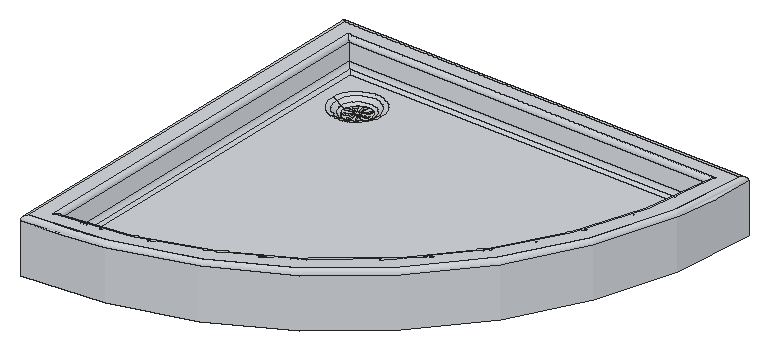
Revit family
Parameters (values of type "900 x 900")
  Width = 900 mm
  Material = none
  Manufacturer = "Revit"
  Depth = 900 mm
  Assembly Code = ""
Types (6, lengths in mm): name | Width | Depth | Assembly Code
  (no name) | 900 | 900 | ""
  800 x 800 | 800 | 800 | "D2010710"
  700 x 700 | 700 | 700 | "D2010710"
  750 x 750 | 750 | 750 | "D2010710"
  900 x 900 | 900 | 900 | ""
  850 x 850 | 850 | 850 | "D2010710"
Reference planes
  plane 1 "Center (Front/Back)": y = 0
  plane 2: z = 0
  plane 3 "Center (Left/Right)": x = 0
  plane 4: x = -450
  plane 5: y = 450
  plane 6: x = 450
  plane 7: y = -450
  plane 8: x = -300
  plane 9: y = 300
Forms (mm)
  Sweep 1, solid, material <- "Material"
    path origin (0, 0, 0) x (1, 0, 0) y (0, 1, 0)
      loop
        line (-450, 450) -> (-450, -450)
        arc (-450, -450) -> (186.396, -186.396) -> (450, 450) r 900
        line (450, 450) -> (-450, 450)
    profile origin (0, 0, 0) x (0, 1, 0) y (0, 0, 1)
      loop
        line (450, 0) -> (450, 110)
        arc (450, 110) -> (447.071, 117.071) -> (440, 120) r 10
        line (440, 120) -> (410, 120)
        arc (410, 120) -> (402.929, 117.071) -> (400, 110) r 10
        line (400, 110) -> (394.149, 76.818)
        arc (394.149, 76.818) -> (392.193, 71.056) -> (388.595, 66.149) r 20
        line (388.595, 66.149) -> (382.446, 60) -> (382.446, 0) -> (450, 0)
  Extrusion 2, solid, material <- "Material"
    sketch origin (0, 0, 0) x (1, 0, 0) y (0, 1, 0)
      loop
        circle (-300, 300) r 30
      loop
        line (382.446, 382.446) -> (-382.446, 382.446) -> (-382.446, -382.446)
        arc (-382.446, -382.446) -> (158.414, -158.414) -> (382.446, 382.446) r 764.893
    from 0 to 60
  Revolve 3, void
    sketch origin (0, 300, 0) x (1, 0, 0) y (0, 0, 1)
      loop
        line (-300, 45) -> (-278.333, 45)
        arc (-278.333, 45) -> (-270.428, 46.283) -> (-263.333, 50) r 25
        line (-263.333, 50) -> (-254, 57)
        arc (-254, 57) -> (-249.743, 59.23) -> (-245, 60) r 15
        line (-245, 60) -> (-240, 60) -> (-240, 70) -> (-300, 70) -> (-300, 45)
      axis (-300, 45) -> (-300, 70)
    angle from 0 to 360
  Extrusion 4, solid, material <- "Material"
    sketch origin (0, 0, 3.364) x (1, 0, 0) y (0, 1, 0)
      loop
        circle (-300, 300) r 30
      loop
        arc (-302.144, 307.224) -> (-300.094, 305.174) -> (-298.044, 307.224) r 2.05
        line (-298.044, 307.224) -> (-295.017, 321.53)
        arc (-295.017, 321.53) -> (-300, 326.513) -> (-304.983, 321.53) r 4.983
        line (-304.983, 321.53) -> (-302.144, 307.224)
      loop
        line (-302.144, 292.776) -> (-304.983, 278.47)
        arc (-304.983, 278.47) -> (-300, 273.487) -> (-295.017, 278.47) r 4.983
        line (-295.017, 278.47) -> (-298.044, 292.776)
        arc (-298.044, 292.776) -> (-300.094, 294.826) -> (-302.144, 292.776) r 2.05
      loop
        arc (-307.224, 297.856) -> (-305.174, 299.906) -> (-307.224, 301.956) r 2.05
        line (-307.224, 301.956) -> (-321.53, 304.983)
        arc (-321.53, 304.983) -> (-326.513, 300) -> (-321.53, 295.017) r 4.983
        line (-321.53, 295.017) -> (-307.224, 297.856)
      loop
        line (-292.776, 297.856) -> (-278.47, 295.017)
        arc (-278.47, 295.017) -> (-273.487, 300) -> (-278.47, 304.983) r 4.983
        line (-278.47, 304.983) -> (-292.776, 301.956)
        arc (-292.776, 301.956) -> (-294.826, 299.906) -> (-292.776, 297.856) r 2.05
      loop
        arc (-306.624, 303.593) -> (-303.725, 303.593) -> (-303.725, 306.492) r 2.05
        line (-303.725, 306.492) -> (-311.701, 318.747)
        arc (-311.701, 318.747) -> (-318.747, 318.747) -> (-318.747, 311.701) r 4.983
        line (-318.747, 311.701) -> (-306.624, 303.593)
      loop
        line (-296.407, 293.376) -> (-288.299, 281.253)
        arc (-288.299, 281.253) -> (-281.253, 281.253) -> (-281.253, 288.299) r 4.983
        line (-281.253, 288.299) -> (-293.508, 296.275)
        arc (-293.508, 296.275) -> (-296.407, 296.275) -> (-296.407, 293.376) r 2.05
      loop
        arc (-303.593, 293.376) -> (-303.593, 296.275) -> (-306.492, 296.275) r 2.05
        line (-306.492, 296.275) -> (-318.747, 288.299)
        arc (-318.747, 288.299) -> (-318.747, 281.253) -> (-311.701, 281.253) r 4.983
        line (-311.701, 281.253) -> (-303.593, 293.376)
      loop
        line (-293.376, 303.593) -> (-281.253, 311.701)
        arc (-281.253, 311.701) -> (-281.253, 318.747) -> (-288.299, 318.747) r 4.983
        line (-288.299, 318.747) -> (-296.275, 306.492)
        arc (-296.275, 306.492) -> (-296.275, 303.593) -> (-293.376, 303.593) r 2.05
    from 40.065 to 43.065
Cuts and joins
  Revolve 3 cuts Sweep 1
  Revolve 3 cuts Extrusion 2
  joined: Sweep 1, Extrusion 2, Extrusion 4
Lines and regions (mm)
  symbolic lines
    curve 1: line (-450, 450, 0) -> (450, 450, 0)
    curve 2: line (-450, -450, 0) -> (-450, 450, 0)
    curve 3: line (-400, 400, 0) -> (380, 400, 0)
    curve 4: line (-400, -380, 0) -> (-400, 400, 0)
    curve 5: circle (-300, 300, 0) r 30 normal (0, 0, 1)
    curve 6: arc (-450, -450, 0) -> (186.396, -186.396, 0) -> (450, 450, 0) r 900
    curve 7: arc (380, 400, 0) -> (151.543, -151.543, 0) -> (-400, -380, 0) r 780
Dimensions and locks
  "Width": plane 4 to plane 6
  "Depth": plane 7 to plane 5
  equal spacing: plane 7, plane 1 "Center (Front/Back)", plane 5
  equal spacing: plane 4, plane 3 "Center (Left/Right)", plane 6
  locked: plane 4 to plane 8 at 150
  locked: plane 9 to plane 5 at 150
  aligned and locked: plane 4 to Sweep 1 sketch curve
  aligned and locked: plane 5 to Sweep 1 sketch curve
  aligned and locked: Extrusion 2 sketch curve to Sweep 1  (x2)
  aligned and locked: Revolve 3 sketch curve to plane 8  (x2)
  aligned and locked: curve 1 to cut or joined group of Sweep 1, Extrusion 2, Revolve 3, Extrusion 4  (x2)
Automatic sketch dimensions
  Sweep 1 sketch curve to level = 0 mm
  Sweep 1 sketch curve to profile plane = 0 mm
  profile plane to Sweep 1 sketch curve = 10 mm
  Sweep 1 sketch curve to Sweep 1 sketch curve = 30 mm
  Sweep 1 sketch curve to Sweep 1 sketch curve = 10 mm
  Sweep 1 sketch curve to Sweep 1 sketch curve = 5.851 mm
  Sweep 1 sketch curve to Sweep 1 sketch curve = 5.554 mm
  Sweep 1 sketch curve to Sweep 1 sketch curve = 6.149 mm  (x2)
  Sweep 1 sketch curve to Sweep 1 sketch curve = 19.696 mm
  level to Sweep 1 sketch curve = 60 mm
  Sweep 1 sketch curve to Sweep 1 sketch curve = 10.669 mm
  Sweep 1 sketch curve to Sweep 1 sketch curve = 33.182 mm
  Revolve 3 sketch curve to plane 8 = 21.667 mm
  Revolve 3 sketch curve to Revolve 3 sketch curve = 15 mm
  Revolve 3 sketch curve to Revolve 3 sketch curve = 9.333 mm
  Revolve 3 sketch curve to Revolve 3 sketch curve = 9 mm
  Revolve 3 sketch curve to Revolve 3 sketch curve = 5 mm  (x2)
  Revolve 3 sketch curve to level = 508 mm
  level to Revolve 3 sketch curve = 45 mm
  Revolve 3 sketch curve to Revolve 3 sketch curve = 0 mm  (x2)
  Revolve 3 sketch curve to Revolve 3 sketch curve = 7 mm
  Revolve 3 sketch curve to Revolve 3 sketch curve = 558 mm
  Extrusion 4 sketch curve to plane 9 = 0 mm  (x3)
  Extrusion 4 sketch curve to plane 8 = 0 mm  (x3)
  plane 8 to Extrusion 4 sketch curve = 0.094 mm  (x2)
  Extrusion 4 sketch curve to Extrusion 4 sketch curve = 2.05 mm  (x2)
  Extrusion 4 sketch curve to Extrusion 4 sketch curve = 1.449 mm  (x12)
  Extrusion 4 sketch curve to Extrusion 4 sketch curve = 1.582 mm  (x3)
  plane 8 to Extrusion 4 sketch curve = 4.983 mm  (x2)
  plane 9 to Extrusion 4 sketch curve = 0.094 mm  (x2)
  Extrusion 4 sketch curve to Extrusion 4 sketch curve = 0.733 mm  (x2)
  Extrusion 4 sketch curve to Extrusion 4 sketch curve = 6.718 mm  (x4)
  Extrusion 4 sketch curve to Extrusion 4 sketch curve = 3.523 mm  (x12)
  Extrusion 4 sketch curve to plane 9 = 11.701 mm  (x2)
  plane 9 to Extrusion 4 sketch curve = 4.983 mm  (x2)
  Extrusion 4 sketch curve to Extrusion 4 sketch curve = 2.783 mm  (x4)
  Extrusion 4 sketch curve to Extrusion 4 sketch curve = 1.636 mm  (x2)
  Extrusion 4 sketch curve to Extrusion 4 sketch curve = 1.769 mm
  plane 9 to Extrusion 4 sketch curve = 3.725 mm
  Extrusion 4 sketch curve to plane 9 = 3.593 mm
  Extrusion 4 sketch curve to Extrusion 4 sketch curve = 0.6 mm  (x3)
  plane 9 to Extrusion 4 sketch curve = 11.701 mm
  Extrusion 4 sketch curve to Extrusion 4 sketch curve = 10.241 mm
  plane 9 to Extrusion 4 sketch curve = 7.224 mm
  Sweep 1 sketch curve to plane 6 = 0 mm
  Extrusion 2 sketch curve to plane 8 = 0 mm
  Extrusion 2 sketch curve to plane 9 = 0 mm
  plane 6 to Extrusion 2 sketch curve = 67.554 mm
  curve 5 to plane 8 = 0 mm
  curve 1 to plane 6 = 0 mm
  curve 5 to plane 9 = 0 mm
  curve 4 to plane 4 = 50 mm
  plane 6 to curve 7 = 70 mm
  curve 4 to plane 7 = 70 mm
  radius of Extrusion 4 sketch curve = 30 mm
  radius of Extrusion 2 sketch curve = 30 mm
  radius of curve 5 = 30 mm
